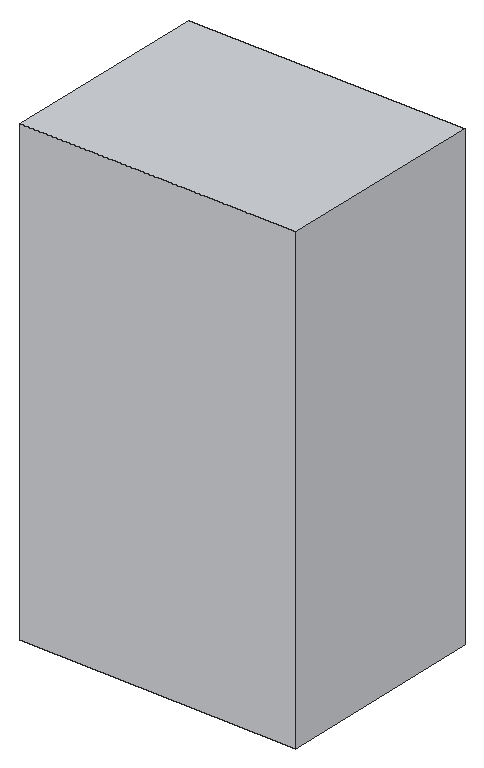
Revit family
Parameters
  Warranty Duration (Years) = 0
  Unit Width [instance] = 0' - 4 1/4"
  Unit Height [instance] = 0' - 4 1/4"
  Unit Depth = 0' - 0 7/8"
  URL = "http://www.americanspecialties.com/viewCategories.cfm"
  Trim Material = Metal - Stainless Steel
  Test Data = ""
  Specification = "http://www.arcat.com/sdspecs/htm/10810asi.htm"
  SpecWizard = ""
  Send Message = "http://www.arcat.com/users.pl?action=UserEmail&company=American%20Specialties,%20Inc.&coid=30448&rep=139&fax=914-476-0688&mf="
  Sales Information = "http://www.americanspecialties.com/contact"
  Revision = "R1_10-2010"
  Product Properties = "http://www.americanspecialties.com/datasheets/123.pdf"
  Product Data = "http://www.arcat.com/arcatcos/cos30/arc30448.html"
  Model = "As Specified in 10 28 13"
  Manufacturer Website = "http://www.americanspecialties.com/viewCategories.cfm"
  Manufacturer Phone - Toll Free = ""
  Manufacturer Phone = "914-476-9000 "
  Manufacturer Fax = "914-476-0688"
  Manufacturer Address = "441 Saw Mill River Rd., Yonkers, NY 10701"
  Manufacturer = "American Specialties, Inc."
  Maintenance Schedule (Months) = 0
  Keynote = "10 28 13"
  Installation-Fabrication = "http://www.americanspecialties.com/products.cfm"
  Green Building-LEED = ""
  Expected Lifespan (Years) = 0
  Drawn By = "Robert S. Weygant. CSI, CDT, SCIP"  # constant formula
  Description = "Toilet Accessory as Specified in 10 28 13"
  Default Elevation = 4' - 0"
  Copyright = "©Arcat Inc."
  Construction Details = "http://www.arcat.com/green/clients/leed_data_30448.html"
  Building Codes = "http://www.americanspecialties.com/products.cfm"
  Body Material = Metal - Stainless Steel
  Assembly Code = "C1030210"
Reference planes (in)
  plane 1 "Center (Front/Back)": y = -0.29112
  plane 2 "Floor Line": z = 0
  plane 3 "Center (Left/Right)": x = -0.65843
Forms (in)
  Extrusion 1, solid
    sketch origin (-3, -9, -6) x (0, 0, -1) y (1, 0, 0)
      loop
        line (-82, 26) -> (-82, -19.34712) -> (-6, -19.34712) -> (-6, 26) -> (-82, 26)
    from 9 to -25.60721
  Revolve 2, solid, material "Metal - Stainless Steel" <- "Trim Material"
    sketch origin (-0.65843, 0, 0) x (0, 1, 0) y (0, 0, 1)
      loop
        line (-0.29112, 1.27196) -> (-0.29112, 0.875) -> (0.18146, 0.875)
        spline (0.18146, 0.875) -> (0.17742, 0.92681) -> (0.16536, 0.97774) -> (0.14549, 1.02691) -> (0.11815, 1.07348) -> (0.0838, 1.11665) -> (0.04305, 1.15569) -> (-0.00343, 1.18993) -> (-0.05483, 1.21878) -> (-0.11027, 1.24174) -> (-0.16881, 1.25843) -> (-0.22943, 1.26856) -> (-0.29112, 1.27196)
      axis (-0.29112, 0.875) -> (-0.29112, 1.27196)
    angle from 0 to 360
  Extrusion 3, solid, material "Metal - Stainless Steel" <- "Trim Material"
    sketch origin (-0.65843, 0, 0) x (0, 1, 0) y (0, 0, 1)
      loop
        arc (-0.30141, 1.07047) -> (-0.28132, 0.95654) -> (-0.16739, 0.97663) r 0.0818
        line (-0.16739, 0.97663) -> (0.46926, 1.88586)
        arc (0.46926, 1.88586) -> (0.44917, 1.99979) -> (0.33524, 1.9797) r 0.0818
        line (0.33524, 1.9797) -> (-0.30141, 1.07047)
    from -0.04453 to 0.03585
  Extrusion 4, solid, material "Metal - Stainless Steel" <- "Body Material"
    sketch origin (0, 0, 0) x (1, 0, 0) y (0, 1, 0)
      loop
        arc (-2.427, 1.83388) -> (-2.67904, 1.72949) -> (-2.78343, 1.47745) r 0.35643
        line (-2.78343, 1.47745) -> (-2.78343, -2.05969)
        arc (-2.78343, -2.05969) -> (-2.67904, -2.31172) -> (-2.427, -2.41612) r 0.35643
        line (-2.427, -2.41612) -> (1.11014, -2.41612)
        arc (1.11014, -2.41612) -> (1.36217, -2.31172) -> (1.46657, -2.05969) r 0.35643
        line (1.46657, -2.05969) -> (1.46657, 1.47745)
        arc (1.46657, 1.47745) -> (1.36217, 1.72949) -> (1.11014, 1.83388) r 0.35643
        line (1.11014, 1.83388) -> (-2.427, 1.83388)
      loop
        circle (-2.03343, 1.08388) r 0.12196
      loop
        circle (0.71657, 1.08388) r 0.12196
      loop
        circle (-2.03343, -1.66612) r 0.12196
      loop
        circle (0.71657, -1.66612) r 0.12196
    from 0 to 0.875
Dimensions and locks (in)
  aligned and locked: Extrusion 1 to level
